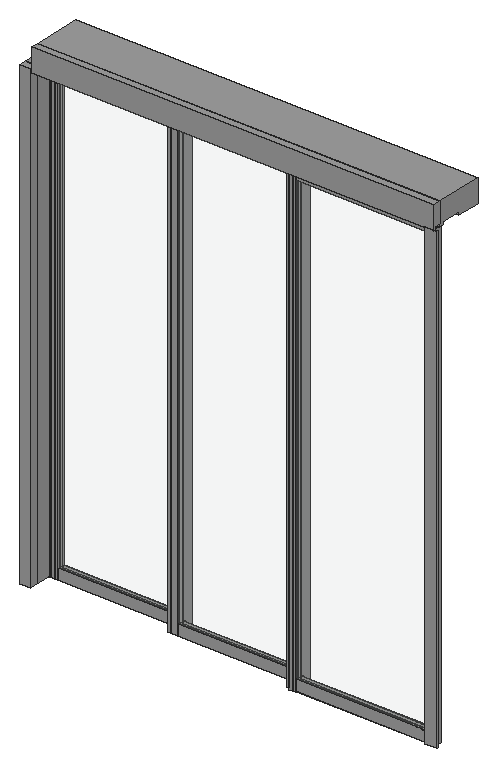
Revit family "agtatec_Record_SldngDrset_E-TSA-Telescopic_WallBased", category Doors, host Wall, Revit 2015
Parameters (values of type "E-TSA-L 108 mm drive unit height - left - with side panel")
  WithoutDriveCladding(OnlyApplicableForTypesWithoutSidePanels) = not(WithDriveCladding)  # no
  Without side panels = and(not(Right Panel), not(Left Panel))  # no
  WithinStandardSizes = and(OpeningWidth > 799.90 mm, OpeningWidth < 3000.10 mm, ClearHeightOfPassage < 3000.10 mm, ClearHeightOfPassage > 1999.90 mm)  # yes
  WithDriveCladding = yes
  Weight = "Depends on configuration and size"
  WarrantyDurationUnit = "Depends on country"
  WallMountingProfile = yes
  TotalWidth = if(Left Panel, SidePanelWidthLeft + OpeningWidth + 55.00 mm, if(Right Panel, SidePanelWidthRight + OpeningWidth + 55.00 mm, OpeningWidth + 99.00 mm))  # 1955.00 mm
  TotalHeight = ClearHeightOfPassage + DriveUnitHeight  # 2295.00 mm
  SustainabilityPerformance = "n/a"
  SupportLength = Support Length Right + Support Length Left  # 1900.00 mm
  Support Length Right = if(Right, SidePanelWidthRight + (OpeningWidth / 2) + DriveUnitExtraWidthRight, (OpeningWidth / 2))  # 600.00 mm
  Support Length Left = if(Left, SidePanelWidthLeft + (OpeningWidth / 2) + DriveUnitExtraWidthLeft, (OpeningWidth / 2))  # 1300.00 mm
  SidePanelWidthRight = (OpeningWidth / 2) + 100.00 mm + Extra Right  # 700.00 mm
  SidePanelWidthLeft = (OpeningWidth / 2) + 100.00 mm + Extra Left  # 700.00 mm
  Side void right = if(Right Panel, SidePanelWidthRight + (OpeningWidth / 2) - 47.00 mm + if(Offset > 0.00 mm, 47.00 mm, 0.00 mm), (OpeningWidth / 2) + if(Offset > 0.00 mm, 55.00 mm, 0.00 mm))  # 600.00 mm
  Side void left = if(Left Panel, SidePanelWidthLeft + (OpeningWidth / 2) - 47.00 mm + if(Offset > 0.00 mm, 47.00 mm, 0.00 mm), (OpeningWidth / 2) + if(Offset > 0.00 mm, 55.00 mm, 0.00 mm))  # 1253.00 mm
  ServiceLifeType = "n/a"
  SecurityRating = "None"
  Right Profile = no
  Right Panel = no
  Right = no
  Revision = "n/a"
  ProductInformation = "www.agta-record.com"
  Process = "n/a"
  PassageMountingProfile(OnlyApplicableForTypesWithTwoSidePanels) = not(WallMountingProfile)  # no
  PanelHeight = ClearHeightOfPassage + 13.00 mm  # 2200.00 mm
  PanelFrames = agtatec_Record_Sliding Door, Aluminium
  PanelFill = agtatec_Record_Sliding Door, Laminated Safety Glass (Clear)
  Operation = "n/a"
  OpeningWidth = 1200.00 mm
  OpeningAxis = (OpeningWidth / 2) + SidePanelWidthRight  # 1300.00 mm
  OffsetFromWallTop = 0.00 mm
  OffsetFromWallSide = 0.00 mm
  OffsetFromInteriorWallFace(OnlyApplicableForTypesWithTwoSidePanels) = 0.00 mm
  Offset = if(Without side panels, 0.00 mm, [OffsetFromInteriorWallFace(OnlyApplicableForTypesWithTwoSidePanels)])  # 0.00 mm
  Name = "SldngDrset_E-TSA-Telescopic_WallBased_Record"
  NBSTypeID = "n/a"
  NBSReference = "25-50-20/175"
  NBSOfficeMasterTag = "n/a"
  NBSNote = "n/a"
  NBSDescription = "Sliding Doorset"
  NBSCertification = "n/a"
  ModelNumber = "n/a"
  ModelLabel = "n/a"
  MethodOfMeasurement = "n/a"
  ManufacturerName = "Record"
  Left Profile = yes
  Left Panel = yes
  Left = yes
  Interlacing profile right = and(WithDriveCladding, Right, not(Right Panel))  # no
  Interlacing profile left = and(WithDriveCladding, Left, not(Left Panel))  # no
  InstallationDate [instance] = "1900-12-31T23:59:59"
  Thickness = 0.00 mm
  Inner Panel Width 2 = (OpeningWidth / 2) + 20.00 mm  # 620.00 mm
  Inner Panel Width 1 = (OpeningWidth / 2) + 32.00 mm  # 632.00 mm
  IfcExportType = "Door"
  IfcExportAs = "IfcDoorStyle"
  Grade = "n/a"
  GlazingAreaFraction = "Depends on size. Can be calculated"
  Function = Exterior
  FloorGuide = agtatec_Record_Sliding Door, Stainless Steel
  FireRating = "None"
  Fire Rating = "n/a"
  Features = "n/a"
  ExtraWidthRight = 0.00 mm
  ExtraWidthLeft = 0.00 mm
  Extra Width Total = 0.00 mm
  Extra Right = if(not(Right), 0.00 mm, ExtraWidthRight)  # 0.00 mm
  Extra Left = if(not(Left), 0.00 mm, ExtraWidthLeft)  # 0.00 mm
  ExpectedLife = "n/a"
  DurationUnit = "year"
  DriveUnitHeight = 108.00 mm
  DriveUnitExtraWidthRight = 0.00 mm
  DriveUnitExtraWidthLeft = 0.00 mm
  DriveUnit = agtatec_Record_Sliding Door, Sheet Metal (Painted Steel)
  Drive Depth 2 = if([WithoutDriveCladding(OnlyApplicableForTypesWithoutSidePanels)], 20.00 mm, if(Without side panels, 37.00 mm, 5.00 mm))  # 5.00 mm
  Width = TotalWidth  # 1955.00 mm
  WarrantyStartDate [instance] = "1900-12-31T23:59:59"
  WarrantyGuarantorParts = "Local door manufacturer"
  WarrantyGuarantorLabour = "Local door manufacturer"
  WarrantyDurationParts = "Depends on country"
  WarrantyDurationLabour = "Depends on country"
  WarrantyDescription = "Depends on country"
  Version = "Version 1.0"
  Uniclass2 = "Ss_25_30_20_77"
  URL = "www.agta-record.com"
  Type Comments = "n/a"
  ThresholdStripping = "No additional required, part of the doorset"
  ThresholdRequired = yes
  ThermalTransmittance = 0
  TagNumber [instance] = "n/a"
  SmokeStop = no
  Size = "n/a"
  Side Panel Minimum Standard = Inner Panel Width 1 + 50.00 mm  # 682.00 mm
  Shape = "Rectangular"
  ServiceLifeDuration = "10-15 years"
  SerialNumber [instance] = "n/a"
  SelfClosing = yes
  Rough Width = TotalWidth + OffsetFromWallSide + 6.00 mm  # 1961.00 mm
  Rough Height = TotalHeight + OffsetFromWallTop + 6.00 mm  # 2301.00 mm
  ReplacementCost = "Depends on the configuration and door type"
  ReferenceStandard = "EN16005, EN16361, DIN 18650, etc."
  Reference = "n/a"
  ProductionYear = "n/a"
  PassageWidthOptions = "n/a"
  NominalWidth = TotalWidth  # 1955.00 mm
  NominalLength = 0.00 mm
  NominalHeight = TotalHeight  # 2295.00 mm
  ModelReference = "Depends on the configuration"
  Model = "record Telescopic Linear Slider"
  Material = "Aluminium"
  ManufacturerURL = "www.agta-record.com"
  Manufacturer = "info@recorduk.co.uk"
  LeafColourOptions = "All RAL, customer specific"
  Keynote = "n/a"
  IssueDate = "n/a"
  IsExternal = yes
  Infiltration = "n/a"
  Height = TotalHeight  # 2295.00 mm
  HasDrive = yes
  HandicapAccessible = yes
  GlassType = "Part of glazing spec"
  GlassThickness2 = "6 mm (default)"
  GlassThickness1 = "6 mm (default)"
  GlassLayers = 2
  FrameSeal = yes
  FrameProfile = "Aluminium"
  FrameMaterial = "Aluminium"
  FrameFinishOptions = "n/a"
  FireExit = no
  Finish = "Powder coated, Anodized, customer specific"
  ElectronicLock = yes
  Drive Depth = if([WithoutDriveCladding(OnlyApplicableForTypesWithoutSidePanels)], 222.00 mm, 259.00 mm)  # 259.00 mm
  DoorsetOperation = "Automatic"
  DoorsetFasteners = "Screws"
  DoorSeal = "yes"
  DoorOpening = 0.00 mm
  DoorNumber = "n/a"
  DoorIncluded = yes
  Door Opening 2 = if(Door Opening 1 > 1.00 mm, (OpeningWidth / 2) + Door Opening 1 / 2, OpeningWidth / 2)  # 600.00 mm
  Door Opening 1 = if(DoorOpening > OpeningWidth, OpeningWidth, DoorOpening)  # 0.00 mm
  Documentation = "n/a"
  DocumentReference = "n/a"
  Description = "Automatic Sliding Door"
  Cost = 0
  Controller = "n/a"
  Construction Type = "Automatic Sliding Door"
  Constituents = "n/a"
  Configuration = "1 or 2"
  Colour = "Customer specific"
  CodePerformance = "n/a"
  ClearanceZones = no
  ClearHeightOfPassage = 2187.00 mm
  CenterOfDoor = if(Left, SidePanelWidthRight + (SupportLength / 2), (SupportLength / 2) - DriveUnitExtraWidthRight)  # 1650.00 mm
  Category = "n/a"
  BreakoutFacility = "n/a"
  BarCode [instance] = "n/a"
  BIMObjectName = "agtatec_Record_SlidingDoorset_E-TSA-Telescopic_WallBased"
  Author = "agtatec"
  AssetType = "n/a"
  AssetIdentifier [instance] = "n/a"
  Assembly Code = "B2030110"
  AntiFingerTrapRequirement = yes
  AlternativeDoorsetGlazing = "Part of glazing spec"
  AcousticRating = "None"
  AccessoryOptions = "Contact manufacturer"
  AccessibilityPerformance = "n/a"
Reference planes
  plane 1: y = 0
  plane 2 "Center (Left/Right)": x = 0
  plane 3 "Wall Edge": y = 76.2
  plane 4: x = 903
  plane 5: z = 2295
  plane 6: x = -950
  plane 7: x = -1650
  plane 8: x = -350
Lines and regions (mm)
  Opening 1
    outline origin (-1524, -76.2, 0) x (1, 0, 0) y (0, 0, 1)
      loop
        line (574, 0) -> (2427, 0) -> (2427, 2295) -> (574, 2295) -> (574, 0)
Text (mm)
  text "Placement Side" at (0, 1019.848, 3124.603), in view "Right"
  text "Placement Side" at (-3047.555, 723.012, 0), in view "Ref. Level"
  text "Placement Side" at (0, 2073.289, 3571.227), in view "Left"
Dimensions and locks
  locked: plane 3 "Wall Edge" to host wall
  "OffsetFromWallSide": plane 4 to Opening 1 sketch curve
  "OffsetFromWallTop": Opening 1 sketch curve to plane 5
  "TotalHeight": plane 5 to level
  "OffsetFromWallSide": Opening 1 sketch curve to plane 6
  "Offset": nested 1 to plane 3 "Wall Edge"
  "CenterOfDoor": plane 7 to plane 2 "Center (Left/Right)"
  "OpeningAxis": plane 7 to plane 8
  "Side void right": plane 6 to plane 8
  "Side void left": plane 8 to plane 4
Automatic sketch dimensions
  Opening 1 sketch curve to level = 0.00 mm
Nested families
  nested 1: "E-TSA Telescopic" at (-924.503, 76.2, 0) x (-1, 0, 0) z (0, 0, 1), type "E-TSA-L 150 mm drive unit height - left - with side panel"
    with WarrantyStartDate "Depends on country", TagNumber "n/a", SerialNumber "n/a", InstallationDate "n/a", BarCode "n/a", AssetIdentifier "n/a", TotalHeight 2295.00 mm, Rough Height 2301.00 mm, NominalHeight 2295.00 mm, Height 2295.00 mm, DriveUnitHeight 108.00 mm
Definition of nested family "E-TSA Telescopic"
  Parameters
    WithoutDriveCladding(OnlyApplicableForTypesWithoutSidePanels) = not(WithDriveCladding)  # no
    Without side panels = and(not(Right Panel), not(Left Panel))  # no
    WithinStandardSizes = and(OpeningWidth > 799.90 mm, OpeningWidth < 3000.10 mm, ClearHeightOfPassage < 3000.10 mm, ClearHeightOfPassage > 1999.90 mm)  # yes
    WithDriveCladding = yes
    Weight = "Depends on configuration and size"
    WarrantyDurationUnit = "Depends on country"
    WallMountingProfile = yes
    Wall Opening Width = if(and(Right Panel, Left Panel), OpeningWidth + SidePanelWidthRight + SidePanelWidthLeft, if(Right Panel, OpeningWidth + SidePanelWidthRight, if(Left Panel, OpeningWidth + SidePanelWidthLeft, OpeningWidth)))  # 1900.00 mm
    Wall Mounting Right = and(WallMountingProfile, Right Panel)  # no
    Wall Mounting Left = and(WallMountingProfile, Left Panel)  # yes
    TotalWidth = if(Left Panel, SidePanelWidthLeft + OpeningWidth + 55.00 mm, if(Right Panel, SidePanelWidthRight + OpeningWidth + 55.00 mm, OpeningWidth + 99.00 mm))  # 1955.00 mm
    TotalHeight = ClearHeightOfPassage + DriveUnitHeight  # 2337.00 mm
    SustainabilityPerformance = "n/a"
    SupportLength = Support Length Right + Support Length Left  # 1900.00 mm
    Support Length Right = if(Right, SidePanelWidthRight + (OpeningWidth / 2) + DriveUnitExtraWidthRight, (OpeningWidth / 2))  # 600.00 mm
    Support Length Left = if(Left, SidePanelWidthLeft + (OpeningWidth / 2) + DriveUnitExtraWidthLeft, (OpeningWidth / 2))  # 1300.00 mm
    SidePanelWidthRight = (OpeningWidth / 2) + 100.00 mm + Extra Right  # 700.00 mm
    SidePanelWidthLeft = (OpeningWidth / 2) + 100.00 mm + Extra Left  # 700.00 mm
    ServiceLifeType = "n/a"
    SecurityRating = "None"
    Right Profile = no
    Right Panel = no
    Right = no
    Revision = "n/a"
    ProductInformation = "www.agta-record.com"
    Process = "n/a"
    PassageMountingProfile(OnlyApplicableForTypesWithTwoSidePanels) = not(WallMountingProfile)  # no
    Passage Mounting Right = and([PassageMountingProfile(OnlyApplicableForTypesWithTwoSidePanels)], Right Panel)  # no
    Passage Mounting Left = and([PassageMountingProfile(OnlyApplicableForTypesWithTwoSidePanels)], Left Panel)  # no
    PanelHeight = ClearHeightOfPassage + 13.00 mm  # 2200.00 mm
    PanelFrames = none
    PanelFill = none
    Outer Panel Width Right = SidePanelWidthRight - 27.00 mm  # 673.00 mm
    Outer Panel Width Left = SidePanelWidthLeft - 27.00 mm  # 673.00 mm
    OpeningWidth = 1200.00 mm
    Name = "SldngDrset_E-TSA-Telescopic_Standalone_Record"
    NBSTypeID = "n/a"
    NBSReference = "25-50-20/175"
    NBSOfficeMasterTag = "n/a"
    NBSNote = "n/a"
    NBSDescription = "Sliding Doorset"
    NBSCertification = "n/a"
    ModelNumber = "n/a"
    ModelLabel = "n/a"
    MethodOfMeasurement = "n/a"
    ManufacturerName = "Record"
    Left Profile = yes
    Left Panel = yes
    Left = yes
    InterlancingProfileRight = and(WithDriveCladding, Right, not(Right Panel))  # no
    InterlancingProfileLeft = and(WithDriveCladding, Left, not(Left Panel))  # no
    InstallationDate [instance] = "n/a"
    Inner Panel Width 2 = (OpeningWidth / 2) + 20.00 mm  # 620.00 mm
    Inner Panel Width 1 = (OpeningWidth / 2) + 32.00 mm  # 632.00 mm
    IfcExportType = "n/a"
    IfcExportAs = "n/a"
    Grade = "n/a"
    GlazingAreaFraction = "Depends on size. Can be calculated"
    FloorGuide = none
    FireRating = "None"
    Features = "n/a"
    ExtraWidthRight = 0.00 mm
    ExtraWidthLeft = 0.00 mm
    Extra Width Total = 0.00 mm
    Extra Right = if(not(Right Panel), 0.00 mm, ExtraWidthRight)  # 0.00 mm
    Extra Left = if(not(Left Panel), 0.00 mm, ExtraWidthLeft)  # 0.00 mm
    ExpectedLife = "n/a"
    DurationUnit = "year"
    DriveUnitExtraWidthRight = 0.00 mm
    DriveUnitExtraWidthLeft = 0.00 mm
    Width = TotalWidth  # 1955.00 mm
    WarrantyStartDate [instance] = "Depends on country"
    WarrantyGuarantorParts = "Local door manufacturer"
    WarrantyGuarantorLabour = "Local door manufacturer"
    WarrantyDurationParts = "Depends on country"
    WarrantyDurationLabour = "Depends on country"
    WarrantyDescription = "Depends on country"
    Version = "Version 1.0"
    Uniclass2 = "Ss_25_30_20_77"
    URL = "www.agta-record.com"
    Type Comments = ""
    ThresholdStripping = "No additional required, part of the doorset"
    ThresholdRequired = yes
    ThermalTransmittance = 0
    TagNumber [instance] = "n/a"
    SmokeStop = no
    Size = "n/a"
    Shape = "Rectangular"
    ServiceLifeDuration = "10-15 years"
    SerialNumber [instance] = "n/a"
    SelfClosing = yes
    Rough Width = TotalWidth + 6.00 mm  # 1961.00 mm
    Rough Height = TotalHeight + 6.00 mm  # 2343.00 mm
    ReplacementCost = "Depends on the configuration and door type"
    ReferenceStandard = "EN16005, EN16361, DIN 18650, etc."
    Reference = "n/a"
    ProductionYear = "n/a"
    PassageWidthOptions = "n/a"
    Operation = "n/a"
    NominalWidth = TotalWidth  # 1955.00 mm
    NominalLength = 0.00 mm
    NominalHeight = TotalHeight  # 2337.00 mm
    ModelReference = "Depends on the configuration"
    Model = "record Telescopic Linear Slider"
    Material = "Aluminium"
    ManufacturerURL = "www.agta-record.com"
    Manufacturer = "info@recorduk.co.uk"
    LeafColourOptions = "All RAL, customer specific"
    Keynote = ""
    IssueDate = ""
    IsExternal = yes
    Interlancing Profile Height = PanelHeight - 5.00 mm  # 2195.00 mm
    Infiltration = "n/a"
    Height = TotalHeight  # 2337.00 mm
    HasDrive = yes
    HandicapAccessible = yes
    GlassType = "Part of glazing spec"
    GlassThickness2 = "6 mm (default)"
    GlassThickness1 = "6 mm (default)"
    GlassLayers = 2
    Function = 1
    FrameSeal = yes
    FrameProfile = "Aluminium"
    FrameMaterial = "Aluminium"
    FrameFinishOptions = "n/a"
    FireExit = no
    Finish = "Powder coated, Anodized, customer specific"
    ElectronicLock = yes
    DriveUnitHeight = 150.00 mm
    DriveUnit = none
    Drive Depth 2 = if([WithoutDriveCladding(OnlyApplicableForTypesWithoutSidePanels)], 0.00 mm, 37.00 mm)  # 37.00 mm
    Drive Depth = if([WithoutDriveCladding(OnlyApplicableForTypesWithoutSidePanels)], 222.00 mm, 259.00 mm)  # 259.00 mm
    DoorsetOperation = "Automatic"
    DoorsetFasteners = "Screws"
    DoorSeal = "yes"
    DoorOpening = 0.00 mm
    DoorNumber = "n/a"
    DoorIncluded = yes
    Door Opening 2 = if(Door Opening 1 > 1.00 mm, (OpeningWidth / 2) + Door Opening 1 / 2, OpeningWidth / 2)  # 600.00 mm
    Door Opening 1 = if(DoorOpening > OpeningWidth, OpeningWidth, DoorOpening)  # 0.00 mm
    Documentation = "n/a"
    DocumentReference = "n/a"
    Distance to Wall = if([WithoutDriveCladding(OnlyApplicableForTypesWithoutSidePanels)], 20.00 mm, 57.00 mm)  # 57.00 mm
    Description = "Automatic Sliding Door"
    Cost = 0
    Controller = "n/a"
    Construction Type = "Automatic Sliding Door"
    Constituents = "n/a"
    Configuration = "1 or 2"
    Colour = "Customer specific"
    CodePerformance = "n/a"
    ClearanceZones = no
    ClearanceZoneRight = if(Left, (SupportLength / 2) + 55.00 mm, if(or(not(Right Panel), DriveUnitExtraWidthRight > 0.00 mm, not(WallMountingProfile)), SupportLength / 2, (SupportLength / 2) + 16.00 mm))  # 1005.00 mm
    ClearanceZoneLeft = if(Right, (SupportLength / 2) + 55.00 mm, if(or(not(Left Panel), DriveUnitExtraWidthLeft > 0.00 mm, not(WallMountingProfile)), SupportLength / 2, (SupportLength / 2) + 16.00 mm))  # 966.00 mm
    ClearHeightOfPassage = 2187.00 mm
    Cladding void = if(Without side panels, 3.00 mm, 35.00 mm)  # 35.00 mm
    Cladding profile = not([WithoutDriveCladding(OnlyApplicableForTypesWithoutSidePanels)])  # yes
    CenterOfDoor = if(Left, SidePanelWidthRight + (SupportLength / 2), (SupportLength / 2) - DriveUnitExtraWidthRight)  # 1650.00 mm
    Category = "n/a"
    BreakoutFacility = "n/a"
    BarCode [instance] = "n/a"
    BIMObjectName = "agtatec_Record_SlidingDoorset_E-TSA-Telescopic_Standalone"
    Author = "agtatec"
    AssetType = "n/a"
    AssetIdentifier [instance] = "n/a"
    Assembly Code = "B2030110"
    AntiFingerTrapRequirement = yes
    AlternativeDoorsetGlazing = "Part of glazing spec"
    AcousticRating = "None"
    AccessoryOptions = "Contact manufacturer"
    AccessibilityPerformance = "n/a"
  Reference planes
    plane 1 "Center (Front/Back)": y = 0
    plane 2: z = 0
    plane 3 "Ex Center (Left/Right)": x = -574.503
    plane 4: z = 2337
    plane 5: z = 2187
    plane 6: z = 2357
    plane 7: x = 5.497
    plane 8 "Drive Unit Left": x = -1874.503
    plane 9: x = -1174.503
    plane 10: x = 25.497
    plane 11: y = -57
    plane 12: y = -109
    plane 13: x = -574.503
    plane 14: x = 25.497
    plane 15: x = -1874.503
    plane 16: x = 725.497
    plane 17: x = -586.503
    plane 18: x = -1206.503
    plane 19: x = -1186.503
    plane 20: y = -5
    plane 21: x = 37.497
    plane 22: x = -574.503
    plane 23: x = -1174.503
    plane 24: x = -562.503
    plane 25: x = 57.497
    plane 26: y = -40
    plane 27: y = -40
    plane 28: y = -409
    plane 29: y = -259
    plane 30: y = -5
    plane 31 "Drive Unit Right": x = 25.497
    plane 32 "Center (Left/Right)": x = -924.503
    plane 33: x = -1890.503
    plane 34: x = 80.497
  Forms (mm)
    Extrusion 1, solid, material <- "PanelFrames", visible <- "Passage Mounting Left"
      sketch origin (0, 0, 0) x (1, 0, 0) y (0, 1, 0)
        loop
          line (-1874.503, 0) -> (-1874.503, -40) -> (-1834.503, -40) -> (-1834.503, -38) -> (-1871.503, -38) -> (-1871.503, -3) -> (-1834.503, -3) -> (-1834.503, 0) -> (-1874.503, 0)
      from 0 to 2187
    Extrusion 2, solid, material <- "PanelFrames", visible <- "Passage Mounting Right"
      sketch origin (0, 0, 0) x (1, 0, 0) y (0, 1, 0)
        loop
          line (725.497, 0) -> (685.497, 0) -> (685.497, -3) -> (722.497, -3) -> (722.497, -38) -> (685.497, -38) -> (685.497, -40) -> (725.497, -40) -> (725.497, 0)
      from 0 to 2187
    Extrusion 3, solid, material <- "PanelFrames", visible <- "Wall Mounting Right"
      sketch origin (0, 0, 0) x (1, 0, 0) y (0, 1, 0)
        loop
          line (685.497, 0) -> (685.497, -3) -> (722.497, -3) -> (722.497, -38) -> (685.497, -38) -> (685.497, -40) -> (725.497, -40) -> (725.497, -4) -> (741.497, -4) -> (741.497, 0) -> (685.497, 0)
      from 0 to 2187
    Extrusion 4, solid, material <- "PanelFrames", visible <- "Wall Mounting Left"
      sketch origin (0, 0, 0) x (1, 0, 0) y (0, 1, 0)
        loop
          line (-1834.503, 0) -> (-1890.503, 0) -> (-1890.503, -4) -> (-1874.503, -4) -> (-1874.503, -40) -> (-1834.503, -40) -> (-1834.503, -38) -> (-1871.503, -38) -> (-1871.503, -3) -> (-1834.503, -3) -> (-1834.503, 0)
      from 0 to 2187
    Extrusion 5, solid, material <- "DriveUnit"
      sketch origin (-1874.503, 0, -304.8) x (0, 0, -1) y (0, 1, 0)
        loop
          line (-2641.8, -37) -> (-2641.8, -259) -> (-2491.8, -259) -> (-2491.8, -149) -> (-2504.8, -149) -> (-2504.8, -54) -> (-2491.8, -54) -> (-2491.8, -37) -> (-2641.8, -37)
      from 0 to 1900
    Extrusion 6, solid, visible <- "ClearanceZones"
      sketch origin (-574.503, -66.514, 0) x (0, -1, 0) y (0, 0, 1)
        loop
          line (-66.514, 0) -> (342.486, 0) -> (342.486, 2357) -> (-66.514, 2357) -> (-66.514, 0)
      from -655 to 1316
    Extrusion 7, void
      sketch origin (-1868.247, -40, 1200) x (1, 0, 0) y (0, 0, -1)
        loop
          line (-6.256, -1000) -> (1893.744, -1000) -> (1893.744, -987) -> (-6.256, -987) -> (-6.256, -1000)
      from 0 to 35 <- "Cladding void"
    Extrusion 8, solid, material <- "DriveUnit", visible <- "Cladding profile"
      sketch origin (-574.503, -66.514, 0) x (0, -1, 0) y (0, 0, 1)
        loop
          line (-66.514, 2337) -> (-66.514, 2187) -> (-29.514, 2187) -> (-29.514, 2337) -> (-66.514, 2337)
      from -600 to 1300
  Cuts and joins
    Extrusion 7 cuts Extrusion 8
  Lines and regions (mm)
    Masking region 1, visible <- "Passage Mounting Left"
      outline origin (0, 0, 0) x (1, 0, 0) y (0, 1, 0)
        loop
          line (-1834.503, -3) -> (-1834.503, 0) -> (-1874.503, 0) -> (-1874.503, -40) -> (-1834.503, -40) -> (-1834.503, -38) -> (-1871.503, -38) -> (-1871.503, -3) -> (-1834.503, -3)
    Masking region 2, visible <- "Wall Mounting Left"
      outline origin (0, 0, 0) x (1, 0, 0) y (0, 1, 0)
        loop
          line (-1834.503, 0) -> (-1890.503, 0) -> (-1890.503, -4) -> (-1874.503, -4) -> (-1874.503, -40) -> (-1834.503, -40) -> (-1834.503, -38) -> (-1871.503, -38) -> (-1871.503, -3) -> (-1834.503, -3) -> (-1834.503, 0)
    Masking region 3, visible <- "Passage Mounting Right"
      outline origin (0, 0, 0) x (1, 0, 0) y (0, 1, 0)
        loop
          line (685.497, 0) -> (685.497, -3) -> (722.497, -3) -> (722.497, -38) -> (685.497, -38) -> (685.497, -40) -> (725.497, -40) -> (725.497, 0) -> (685.497, 0)
    Masking region 4, visible <- "Wall Mounting Right"
      outline origin (0, 0, 0) x (1, 0, 0) y (0, 1, 0)
        loop
          line (741.497, 0) -> (685.497, 0) -> (685.497, -3) -> (722.497, -3) -> (722.497, -38) -> (685.497, -38) -> (685.497, -40) -> (725.497, -40) -> (725.497, -4) -> (741.497, -4) -> (741.497, 0)
    symbolic lines
      curve 1: line (-749.503, 50, 0) -> (-399.503, 50, 0)
    symbolic lines, visible <- "Left"
      curve 2: line (-749.503, 50, 0) -> (-714.148, 85.355, 0)
      curve 3: line (-749.503, 50, 0) -> (-714.148, 14.645, 0)
    symbolic lines, visible <- "Right"
      curve 4: line (-399.503, 50, 0) -> (-434.859, 14.645, 0)
      curve 5: line (-399.503, 50, 0) -> (-434.859, 85.355, 0)
  Text (mm)
    text "Right" at (-1678.087, 0, 3204.03), in view "Back"
    text "Left" at (1021.913, 0, 3204.03), in view "Back"
  Dimensions and locks
    "DriveUnitHeight": plane 4 to plane 5
    "ClearHeightOfPassage": plane 5 to plane 2
    locked: plane 6 to plane 4 at 20
    equal spacing: plane 9, plane 3 "Ex Center (Left/Right)", plane 10
    "OpeningWidth": plane 9 to plane 10
    "Distance to Wall": plane 11 to plane 1 "Center (Front/Back)"
    locked: plane 11 to plane 12 at 52
    "Door Opening 1": plane 14 to plane 10
    "Door Opening 2": plane 13 to plane 10
    "SidePanelWidthLeft": plane 15 to plane 9
    "SidePanelWidthRight": plane 10 to plane 16
    locked: plane 17 to plane 13 at 12
    "Inner Panel Width 2": plane 18 to plane 17
    locked: plane 19 to plane 9 at 12
    locked: plane 10 to plane 21 at 12
    locked: plane 22 to plane 24 at 12
    "Door Opening 1": plane 9 to plane 23
    "Door Opening 2": plane 9 to plane 22
    "Inner Panel Width 2": plane 24 to plane 25
    locked: Extrusion 5 sketch curve to Extrusion 5 sketch curve at 110
    "Drive Depth": plane 1 "Center (Front/Back)" to plane 29
    "DriveUnitHeight": plane 29 to plane 28
    "Support Length Left": plane 8 "Drive Unit Left" to plane 3 "Ex Center (Left/Right)"
    "Support Length Right": plane 3 "Ex Center (Left/Right)" to plane 31 "Drive Unit Right"
    locked: Extrusion 4 sketch curve to plane 26 at 2
    locked: Extrusion 1 sketch curve to plane 26 at 2
    locked: Extrusion 3 sketch curve to plane 27 at 2
    locked: Extrusion 2 sketch curve to plane 27 at 2
    "Drive Depth 2": plane 1 "Center (Front/Back)" to Extrusion 5 sketch curve
    Extrusion 7 sketch curve to plane 5 = 13.00 mm
    locked: plane 1 "Center (Front/Back)" to Extrusion 8 sketch curve at 37
    curve 3 to plane 3 "Ex Center (Left/Right)" to curve 5 = 175.00 mm locked, 175.00 mm locked
    "CenterOfDoor": plane 32 "Center (Left/Right)" to plane 16
    "ClearanceZoneLeft": plane 33 to plane 32 "Center (Left/Right)"
    "ClearanceZoneRight": plane 32 "Center (Left/Right)" to plane 34
    aligned and locked: plane 2 to level
    aligned and locked: plane 12 to nested 1
    aligned and locked: plane 11 to nested 2
    aligned and locked: plane 14 to nested 1
    aligned and locked: nested 2 to plane 17
    aligned and locked: plane 19 to nested 3
    aligned and locked: nested 5 to plane 9
    aligned and locked: nested 6 to plane 11
    aligned and locked: nested 6 to plane 18
    aligned and locked: plane 11 to nested 7
    aligned and locked: nested 7 to plane 17
    aligned and locked: nested 8 to plane 12
    aligned and locked: nested 8 to nested 1
    aligned and locked: plane 20 to nested 3
    aligned and locked: nested 5 to plane 20
    aligned and locked: nested 4 to plane 20
    aligned and locked: nested 9 to plane 10
    aligned and locked: nested 4 to plane 21
    aligned and locked: plane 23 to nested 10
    aligned and locked: plane 12 to nested 11
    aligned and locked: nested 10 to plane 12
    aligned and locked: nested 11 to nested 10
    aligned and locked: nested 12 to plane 11
    aligned and locked: plane 11 to nested 13
    aligned and locked: nested 14 to plane 11
    aligned and locked: nested 14 to plane 22
    aligned and locked: plane 25 to nested 13
    aligned and locked: nested 12 to plane 25
    aligned and locked: plane 26 to Extrusion 1 sketch curve
    aligned and locked: plane 27 to Extrusion 2 sketch curve
    aligned and locked: plane 5 to Extrusion 1
    aligned and locked: plane 5 to Extrusion 2
    aligned and locked: plane 5 to Extrusion 4
    aligned and locked: plane 5 to Extrusion 3
    aligned and locked: plane 26 to Masking region 1 sketch curve
    aligned and locked: Extrusion 5 sketch curve to plane 29
    aligned and locked: Extrusion 5 to plane 31 "Drive Unit Right"
    aligned and locked: plane 26 to Extrusion 4 sketch curve
    aligned and locked: plane 26 to Masking region 2 sketch curve
    aligned and locked: plane 27 to Extrusion 3 sketch curve
    aligned and locked: Masking region 2 to Extrusion 4
    aligned and locked: Extrusion 6 sketch curve to plane 6
    aligned and locked: Extrusion 6 sketch curve to plane 28
    aligned and locked: Extrusion 5 to plane 8 "Drive Unit Left"
    aligned and locked: plane 31 "Drive Unit Right" to Extrusion 7 sketch curve
    aligned and locked: plane 8 "Drive Unit Left" to Extrusion 7 sketch curve
    aligned and locked: Extrusion 7 sketch curve to plane 5
    aligned and locked: plane 5 to Extrusion 8 sketch curve
    aligned and locked: Extrusion 8 to plane 31 "Drive Unit Right"
    aligned and locked: Extrusion 8 to plane 8 "Drive Unit Left"
    aligned and locked: Extrusion 6 to plane 33
    aligned and locked: plane 34 to Extrusion 6
  Automatic sketch dimensions
    plane 1 "Center (Front/Back)" to Extrusion 1 sketch curve = 0.00 mm
    Extrusion 1 sketch curve to plane 15 = 0.00 mm
    Extrusion 1 sketch curve to plane 15 = 3.00 mm
    Extrusion 1 sketch curve to Extrusion 1 sketch curve = 37.00 mm  (x2)
    plane 20 to Extrusion 1 sketch curve = 2.00 mm
    plane 1 "Center (Front/Back)" to Extrusion 2 sketch curve = 0.00 mm
    Extrusion 2 sketch curve to plane 16 = 0.00 mm
    Extrusion 2 sketch curve to plane 16 = 3.00 mm
    plane 20 to Extrusion 2 sketch curve = 2.00 mm
    Extrusion 2 sketch curve to Extrusion 2 sketch curve = 37.00 mm
    Extrusion 2 sketch curve to Extrusion 2 sketch curve = 0.00 mm
    plane 1 "Center (Front/Back)" to Extrusion 3 sketch curve = 0.00 mm
    Extrusion 3 sketch curve to plane 16 = 0.00 mm
    Extrusion 3 sketch curve to plane 16 = 3.00 mm
    Extrusion 3 sketch curve to Extrusion 3 sketch curve = 37.00 mm
    Extrusion 3 sketch curve to Extrusion 3 sketch curve = 0.00 mm
    plane 16 to Extrusion 3 sketch curve = 16.00 mm
    plane 20 to Extrusion 3 sketch curve = 1.00 mm
    plane 20 to Extrusion 3 sketch curve = 2.00 mm
    plane 1 "Center (Front/Back)" to Extrusion 4 sketch curve = 0.00 mm
    Extrusion 4 sketch curve to plane 15 = 0.00 mm
    plane 20 to Extrusion 4 sketch curve = 1.00 mm
    Extrusion 4 sketch curve to Extrusion 4 sketch curve = 16.00 mm
    Extrusion 4 sketch curve to plane 15 = 3.00 mm
    Extrusion 4 sketch curve to Extrusion 4 sketch curve = 37.00 mm  (x2)
    plane 20 to Extrusion 4 sketch curve = 2.00 mm
    Extrusion 6 sketch curve to level = 0.00 mm
    Extrusion 6 sketch curve to plane 1 "Center (Front/Back)" = 0.00 mm
    Masking region 1 sketch curve to plane 15 = 0.00 mm
    plane 1 "Center (Front/Back)" to Masking region 1 sketch curve = 0.00 mm
    Masking region 1 sketch curve to plane 15 = 3.00 mm
    plane 26 to Masking region 1 sketch curve = 2.00 mm
    Masking region 1 sketch curve to Masking region 1 sketch curve = 37.00 mm  (x2)
    plane 20 to Masking region 1 sketch curve = 2.00 mm
    plane 1 "Center (Front/Back)" to Masking region 2 sketch curve = 0.00 mm
    Masking region 2 sketch curve to plane 15 = 0.00 mm
    plane 20 to Masking region 2 sketch curve = 1.00 mm
    Masking region 2 sketch curve to Masking region 2 sketch curve = 16.00 mm
    Masking region 2 sketch curve to plane 15 = 3.00 mm
    plane 26 to Masking region 2 sketch curve = 2.00 mm
    Masking region 2 sketch curve to Masking region 2 sketch curve = 37.00 mm  (x2)
    plane 20 to Masking region 2 sketch curve = 2.00 mm
    plane 1 "Center (Front/Back)" to Masking region 3 sketch curve = 0.00 mm
    plane 26 to Masking region 3 sketch curve = 0.00 mm
    Masking region 3 sketch curve to plane 16 = 0.00 mm
    Masking region 3 sketch curve to plane 16 = 3.00 mm
    Masking region 3 sketch curve to Masking region 3 sketch curve = 37.00 mm
    Masking region 3 sketch curve to Masking region 3 sketch curve = 0.00 mm
    plane 26 to Masking region 3 sketch curve = 2.00 mm
    plane 20 to Masking region 3 sketch curve = 2.00 mm
    plane 1 "Center (Front/Back)" to Masking region 4 sketch curve = 0.00 mm
    plane 26 to Masking region 4 sketch curve = 0.00 mm
    Masking region 4 sketch curve to plane 16 = 0.00 mm
    Masking region 4 sketch curve to plane 16 = 3.00 mm
    plane 26 to Masking region 4 sketch curve = 2.00 mm
    Masking region 4 sketch curve to Masking region 4 sketch curve = 37.00 mm
    plane 20 to Masking region 4 sketch curve = 2.00 mm
    Masking region 4 sketch curve to Masking region 4 sketch curve = 0.00 mm
    plane 16 to Masking region 4 sketch curve = 16.00 mm
    plane 20 to Masking region 4 sketch curve = 1.00 mm
    curve 1 to curve 3 = 50.00 mm
    curve 2 to curve 5 = 279.289 mm
    curve 5 to curve 4 = 70.711 mm
    curve 5 to curve 1 = 50.00 mm
    curve 3 to curve 4 = 279.289 mm
    curve 5 to curve 5 = 50.00 mm
    curve 3 to curve 2 = 50.00 mm
    curve 3 to curve 2 = 35.355 mm  (x2)
    curve 3 to plane 1 "Center (Front/Back)" = 14.645 mm
    curve 4 to plane 1 "Center (Front/Back)" = 14.645 mm
    curve 5 to curve 4 = 0.00 mm
    curve 4 to curve 5 = 35.355 mm
    curve 1 to curve 5 = 35.355 mm
    Extrusion 8 sketch curve to plane 1 "Center (Front/Back)" = 0.00 mm
    Extrusion 8 sketch curve to plane 4 = 0.00 mm
    Extrusion 5 sketch curve to plane 4 = 0.00 mm
    Extrusion 5 sketch curve to plane 5 = 0.00 mm  (x2)
    plane 11 to Extrusion 5 sketch curve = 3.00 mm
    plane 5 to Extrusion 5 sketch curve = 13.00 mm
  Nested families
    nested 1: "Inner Panel 1" at (25.497, -109, 0) x (-1, 0, 0) z (0, 0, 1), visible <- "Left", type "Inner Panel 1"
    nested 2: "Inner Panel 2" at (-586.503, -57, 0) x (-1, 0, 0) z (0, 0, 1), visible <- "Left", type "Inner Panel 2"
      with Inner Panel Width 620.00 mm
    nested 3: "Outer Panel" at (-1186.503, -5, 0) x (-1, 0, 0) z (0, 0, 1), visible <- "Left Panel", type "Left Panel"
      with Outer Panel Width 673.00 mm
    nested 4: "Outer Panel" at (37.497, -5, 0), visible <- "Right Panel", type "Right Panel"
      with Outer Panel Width 673.00 mm
    nested 5: "Interlacing profile - Outer" at (-1186.503, -37, 5) x (0, -1, 0) z (0, 0, 1), type "Left"
    nested 6: "Interlacing profile - Inner" at (-1206.503, -57, 5) x (0, 1, 0) z (0, 0, 1), visible <- "Left", type "Left"
    nested 7: "Interlacing profile - Inner" at (-586.503, -89, 5) x (0, -1, 0) z (0, 0, 1), visible <- "Left", type "Inner"
    nested 8: "Interlacing profile - Inner" at (-606.503, -109, 5) x (0, 1, 0) z (0, 0, 1), visible <- "Left", type "Inner"
    nested 9: "Interlacing profile - Outer" at (37.497, -37, 5) x (0, -1, 0) z (0, 0, 1), type "Right"
      with Side Panel no, Opposite Panel yes, Interlacing profile 2 yes, Interlacing profile 1 no
    nested 10: "Inner Panel 1" at (-1174.503, -109, 0), visible <- "Right", type "Inner Panel 1"
    nested 11: "Interlacing profile - Inner" at (-542.503, -109, 5) x (0, 1, 0) z (0, 0, 1), visible <- "Right", type "Inner"
    nested 12: "Inner Panel 2" at (-562.503, -57, 0), visible <- "Right", type "Inner Panel 2"
      with Inner Panel Width 620.00 mm
    nested 13: "Interlacing profile - Inner" at (57.497, -57, 5) x (0, 1, 0) z (0, 0, 1), visible <- "Right", type "Right"
      with Side Panel no, Interlacing profile 4 yes, Interlacing profile 1 no
    nested 14: "Interlacing profile - Inner" at (-562.503, -89, 5) x (0, -1, 0) z (0, 0, 1), visible <- "Right", type "Inner"
  Definition of nested family "Inner Panel 1"
    Parameters
      Panel Height = 2200.00 mm
      Panel Glass = none
      Panel Frames = none
      Inner Panel Width = 632.00 mm
    Reference planes
      plane 1 "Center (Front/Back)": y = 0
      plane 2: z = 0
      plane 3 "Center (Left/Right)": x = 0
      plane 4: x = 632
      plane 5: z = 2200
      plane 6: x = 600
      plane 7: x = 37
      plane 8: z = 2181
      plane 9 "Above": z = 42
      plane 10: x = 613.5
      plane 11: x = 23.5
      plane 12: z = 5
      plane 13: x = 622
      plane 14: x = 5
    Forms (mm)
      Extrusion 1, solid, material <- "Panel Frames"
        sketch origin (0, 0, 0) x (1, 0, 0) y (0, 1, 0)
          loop
            line (5, 0) -> (37, 0) -> (37, 2.5) -> (21, 2.5) -> (21, 29.5) -> (37, 29.5) -> (37, 32) -> (5, 32) -> (5, 0)
        from 5 to 2200
      Extrusion 2, solid, material <- "Panel Frames"
        sketch origin (591.5, 0, 0) x (-1, 0, 0) y (0, -1, 0)
          loop
            line (-40.5, 0) -> (-40.5, -32) -> (-8.5, -32) -> (-8.5, -29.5) -> (-24.5, -29.5) -> (-24.5, -2.5) -> (-8.5, -2.5) -> (-8.5, 0) -> (-40.5, 0)
        from 5 to 2200
      Extrusion 3, solid, material <- "Panel Frames"
        sketch origin (-55, 0, 0) x (0, 1, 0) y (0, 0, 1)
          loop
            line (0, 5) -> (14.65, 5) -> (14.65, 26) -> (17.35, 26) -> (17.35, 5) -> (32, 5) -> (32, 55) -> (29.5, 55) -> (29.5, 39) -> (2.5, 39) -> (2.5, 55) -> (0, 55) -> (0, 5)
        from 92 to 655
      Extrusion 4, solid, material <- "Panel Frames"
        sketch origin (75, 0, 0) x (0, 1, 0) y (0, 0, 1)
          loop
            line (0, 2200) -> (0, 2168) -> (2.5, 2168) -> (2.5, 2184) -> (29.5, 2184) -> (29.5, 2168) -> (32, 2168) -> (32, 2200) -> (0, 2200)
        from -38 to 525
      Extrusion 5, solid, material <- "Panel Glass"
        sketch origin (0, 0, 0) x (1, 0, 0) y (0, 1, 0)
          loop
            line (23.5, 28) -> (23.5, 4) -> (613.5, 4) -> (613.5, 28) -> (23.5, 28)
        from 42 to 2181
      Extrusion 6, solid, material <- "Panel Frames"
        sketch origin (0, 0, 0) x (1, 0, 0) y (0, 1, 0)
          loop
            line (0, 32) -> (0, 0) -> (5, 0) -> (5, 32) -> (0, 32)
        from 5 to 2200
    Lines and regions (mm)
      Masking region 1
        outline origin (0, 0, 0) x (1, 0, 0) y (0, 1, 0)
          loop
            line (632, 32) -> (0, 32) -> (0, 0) -> (622, 0) -> (632, 0) -> (632, 32)
      symbolic lines, detail levels fine
        curve 1: line (37, 28, 42) -> (600, 28, 42)
        curve 2: line (37, 4, 42) -> (600, 4, 42)
        curve 6: line (600, 29.5, 42) -> (616, 29.5, 42)
        curve 7: line (616, 29.5, 42) -> (616, 2.5, 42)
        curve 8: line (616, 2.5, 42) -> (600, 2.5, 42)
        curve 9: line (600, 4, 42) -> (613.5, 4, 42)
        curve 10: line (613.5, 4, 42) -> (613.5, 28, 42)
        curve 11: line (613.5, 28, 42) -> (600, 28, 42)
        curve 12: line (37, 29.5, 42) -> (21, 29.5, 42)
        curve 13: line (21, 29.5, 42) -> (21, 2.5, 42)
        curve 14: line (21, 2.5, 42) -> (37, 2.5, 42)
        curve 15: line (37, 4, 42) -> (23.5, 4, 42)
        curve 16: line (23.5, 4, 42) -> (23.5, 28, 42)
        curve 17: line (23.5, 28, 42) -> (37, 28, 42)
      symbolic lines, detail levels medium+fine
        curve 3: line (37, 32, 42) -> (37, 29.5, 42)
        curve 4: line (600, 0, 42) -> (600, 2.5, 42)
        curve 18: line (600, 29.5, 42) -> (600, 32, 42)
        curve 21: line (37, 2.5, 42) -> (37, 0, 42)
      symbolic lines
        curve 5: line (5, 32, 42) -> (5, 0, 42)
        curve 22: line (600, 0, 1084) -> (564.645, 0, 1119.355)
        curve 23: line (600, 0, 1084) -> (564.645, 0, 1048.645)
        curve 24: line (37, 0, 1084) -> (600, 0, 1084)
      symbolic lines, detail levels medium
        curve 19: line (600, 2.5, 42) -> (600, 29.5, 42)
        curve 20: line (37, 29.5, 42) -> (37, 2.5, 42)
    Dimensions and locks
      "Panel Height": plane 5 to plane 2
      "Inner Panel Width": plane 4 to plane 3 "Center (Left/Right)"
      locked: plane 7 to plane 3 "Center (Left/Right)" at 37
      locked: plane 6 to plane 4 at 32
      locked: plane 5 to plane 8 at 19
      locked: plane 9 "Above" to level at 42
      locked: plane 4 to plane 10 at 18.5
      locked: plane 11 to plane 3 "Center (Left/Right)" at 23.5
      locked: plane 13 to plane 4 at 10
      locked: plane 14 to plane 3 "Center (Left/Right)" at 5
      equal spacing: Extrusion 4, curve 24, level
      aligned and locked: plane 2 to level
      aligned and locked: plane 5 to Extrusion 2
      aligned and locked: plane 5 to Extrusion 1
      aligned and locked: Extrusion 1 to Extrusion 2
      aligned and locked: Extrusion 4 to plane 7
      aligned and locked: Extrusion 4 to plane 6
      aligned and locked: Extrusion 3 to plane 7
      aligned and locked: Extrusion 3 to plane 6
      aligned and locked: plane 8 to Extrusion 5
      aligned and locked: Extrusion 5 to plane 9 "Above"
      aligned and locked: Extrusion 5 to plane 10
      aligned and locked: Extrusion 5 to plane 11
      aligned and locked: Extrusion 1 to Extrusion 3
      aligned and locked: Extrusion 3 to Extrusion 2
      aligned and locked: Masking region 1 sketch curve to plane 4
      aligned and locked: Masking region 1 sketch curve to plane 3 "Center (Left/Right)"
      aligned and locked: curve 4 to plane 6
      aligned and locked: curve 3 to plane 7
      aligned and locked: Masking region 1 to Extrusion 1
      aligned and locked: plane 7 to Extrusion 1  (x2)
      aligned and locked: plane 6 to Extrusion 2  (x2)
      aligned and locked: curve 1 to Extrusion 5
      aligned and locked: Extrusion 5 to curve 2
      aligned and locked: Extrusion 1 sketch curve to plane 14
      aligned and locked: Extrusion 1 to plane 14
      aligned and locked: Extrusion 6 sketch curve to plane 14
      aligned and locked: plane 3 "Center (Left/Right)" to Extrusion 6 sketch curve
      aligned and locked: plane 5 to Extrusion 6
    Automatic sketch dimensions
      Extrusion 1 sketch curve to plane 7 = 0.00 mm  (x2)
      plane 1 "Center (Front/Back)" to Extrusion 1 sketch curve = 0.00 mm
      Extrusion 1 sketch curve to plane 11 = 2.50 mm
      Extrusion 1 sketch curve to plane 1 "Center (Front/Back)" = 2.50 mm
      Extrusion 1 sketch curve to Extrusion 1 sketch curve = 27.00 mm
      Extrusion 1 sketch curve to Extrusion 1 sketch curve = 2.50 mm
      Extrusion 2 sketch curve to plane 4 = 0.00 mm
      Extrusion 2 sketch curve to plane 6 = 0.00 mm  (x2)
      plane 1 "Center (Front/Back)" to Extrusion 2 sketch curve = 0.00 mm
      plane 10 to Extrusion 2 sketch curve = 2.50 mm
      Extrusion 2 sketch curve to Extrusion 2 sketch curve = 2.50 mm  (x2)
      Extrusion 2 sketch curve to Extrusion 2 sketch curve = 27.00 mm
      Extrusion 3 sketch curve to plane 1 "Center (Front/Back)" = 0.00 mm
      Extrusion 3 sketch curve to plane 12 = 0.00 mm  (x2)
      Extrusion 3 sketch curve to plane 1 "Center (Front/Back)" = 2.50 mm
      Extrusion 3 sketch curve to Extrusion 3 sketch curve = 14.65 mm
      Extrusion 3 sketch curve to Extrusion 3 sketch curve = 2.70 mm
      plane 9 "Above" to Extrusion 3 sketch curve = 13.00 mm  (x2)
      Extrusion 3 sketch curve to Extrusion 3 sketch curve = 27.00 mm
      Extrusion 3 sketch curve to Extrusion 3 sketch curve = 2.50 mm
      Extrusion 3 sketch curve to Extrusion 3 sketch curve = 21.00 mm
      Extrusion 3 sketch curve to plane 9 "Above" = 3.00 mm
      Extrusion 4 sketch curve to plane 1 "Center (Front/Back)" = 0.00 mm
      Extrusion 4 sketch curve to plane 5 = 0.00 mm
      Extrusion 4 sketch curve to plane 1 "Center (Front/Back)" = 2.50 mm
      plane 8 to Extrusion 4 sketch curve = 3.00 mm
      Extrusion 4 sketch curve to Extrusion 4 sketch curve = 27.00 mm
      Extrusion 4 sketch curve to Extrusion 4 sketch curve = 32.00 mm
      Extrusion 4 sketch curve to plane 8 = 13.00 mm  (x2)
      Extrusion 5 sketch curve to plane 11 = 0.00 mm
      Extrusion 5 sketch curve to plane 10 = 0.00 mm
      Extrusion 5 sketch curve to plane 1 "Center (Front/Back)" = 4.00 mm
      Extrusion 5 sketch curve to Extrusion 5 sketch curve = 24.00 mm
      plane 1 "Center (Front/Back)" to Masking region 1 sketch curve = 0.00 mm
      Masking region 1 sketch curve to plane 13 = 0.00 mm
      Masking region 1 sketch curve to plane 1 "Center (Front/Back)" = 32.00 mm
      curve 9 to plane 10 = 0.00 mm
      curve 17 to plane 11 = 0.00 mm
      curve 5 to plane 14 = 0.00 mm
      plane 1 "Center (Front/Back)" to curve 5 = 0.00 mm
      plane 1 "Center (Front/Back)" to curve 21 = 0.00 mm
      plane 1 "Center (Front/Back)" to curve 4 = 0.00 mm
      curve 6 to plane 10 = 2.50 mm
      curve 13 to plane 11 = 2.50 mm
      curve 16 to curve 1 = 0.00 mm
      curve 12 to curve 16 = 1.50 mm
      curve 6 to curve 1 = 1.50 mm
      curve 5 to curve 12 = 2.50 mm
      curve 3 to curve 3 = 2.50 mm
      curve 18 to curve 6 = 2.50 mm
      curve 11 to curve 1 = 0.00 mm
      curve 10 to plane 1 "Center (Front/Back)" = 4.00 mm
      curve 16 to plane 1 "Center (Front/Back)" = 4.00 mm
      curve 14 to plane 1 "Center (Front/Back)" = 2.50 mm
      curve 8 to plane 1 "Center (Front/Back)" = 2.50 mm
      plane 1 "Center (Front/Back)" to Extrusion 6 sketch curve = 0.00 mm
      Extrusion 6 sketch curve to plane 1 "Center (Front/Back)" = 32.00 mm
      plane 6 to curve 23 = 35.355 mm
      curve 23 to curve 24 = 35.355 mm
      curve 24 to curve 22 = 35.355 mm
      curve 24 to plane 7 = 0.00 mm
      plane 6 to curve 24 = 0.00 mm
  Definition of nested family "Inner Panel 2"
    Parameters
      Panel Height = 2200.00 mm
      Panel Glass = none
      Panel Frames = none
      Inner Panel Width = 600.00 mm
    Reference planes
      plane 1 "Center (Front/Back)": y = 0
      plane 2: z = 0
      plane 3 "Center (Left/Right)": x = 0
      plane 4: x = 600
      plane 5: z = 2200
      plane 6: x = 568
      plane 7: x = 32
      plane 8: z = 2181
      plane 9 "Above": z = 42
      plane 10: x = 581.5
      plane 11: x = 18.5
      plane 12: z = 5
      plane 13: x = 590
      plane 14: x = 10
    Forms (mm)
      Extrusion 1, solid, material <- "Panel Frames"
        sketch origin (0, 0, 0) x (1, 0, 0) y (0, 1, 0)
          loop
            line (0, 0) -> (32, 0) -> (32, 2.5) -> (16, 2.5) -> (16, 29.5) -> (32, 29.5) -> (32, 32) -> (0, 32) -> (0, 0)
        from 5 to 2200
      Extrusion 2, solid, material <- "Panel Frames"
        sketch origin (591.5, 0, 0) x (-1, 0, 0) y (0, -1, 0)
          loop
            line (-8.5, 0) -> (-8.5, -32) -> (23.5, -32) -> (23.5, -29.5) -> (7.5, -29.5) -> (7.5, -2.5) -> (23.5, -2.5) -> (23.5, 0) -> (-8.5, 0)
        from 5 to 2200
      Extrusion 3, solid, material <- "Panel Frames"
        sketch origin (-55, 0, 0) x (0, 1, 0) y (0, 0, 1)
          loop
            line (0, 5) -> (14.65, 5) -> (14.65, 26) -> (17.35, 26) -> (17.35, 5) -> (32, 5) -> (32, 55) -> (29.5, 55) -> (29.5, 39) -> (2.5, 39) -> (2.5, 55) -> (0, 55) -> (0, 5)
        from 87 to 623
      Extrusion 4, solid, material <- "Panel Frames"
        sketch origin (75, 0, 0) x (0, 1, 0) y (0, 0, 1)
          loop
            line (0, 2200) -> (0, 2168) -> (2.5, 2168) -> (2.5, 2184) -> (29.5, 2184) -> (29.5, 2168) -> (32, 2168) -> (32, 2200) -> (0, 2200)
        from -43 to 493
      Extrusion 5, solid, material <- "Panel Glass"
        sketch origin (0, 0, 0) x (1, 0, 0) y (0, 1, 0)
          loop
            line (18.5, 28) -> (18.5, 4) -> (581.5, 4) -> (581.5, 28) -> (18.5, 28)
        from 42 to 2181
    Lines and regions (mm)
      Masking region 1
        outline origin (0, 0, 0) x (1, 0, 0) y (0, 1, 0)
          loop
            line (600, 32) -> (10, 32) -> (0, 32) -> (0, 0) -> (590, 0) -> (600, 0) -> (600, 32)
      symbolic lines, detail levels fine
        curve 1: line (32, 28, 42) -> (568, 28, 42)
        curve 2: line (32, 4, 42) -> (568, 4, 42)
        curve 5: line (568, 29.5, 42) -> (584, 29.5, 42)
        curve 6: line (584, 29.5, 42) -> (584, 2.5, 42)
        curve 7: line (584, 2.5, 42) -> (568, 2.5, 42)
        curve 8: line (568, 4, 42) -> (581.5, 4, 42)
        curve 9: line (581.5, 4, 42) -> (581.5, 28, 42)
        curve 10: line (581.5, 28, 42) -> (568, 28, 42)
        curve 11: line (32, 29.5, 42) -> (16, 29.5, 42)
        curve 12: line (16, 29.5, 42) -> (16, 2.5, 42)
        curve 13: line (16, 2.5, 42) -> (32, 2.5, 42)
        curve 14: line (32, 4, 42) -> (18.5, 4, 42)
        curve 15: line (18.5, 4, 42) -> (18.5, 28, 42)
        curve 16: line (18.5, 28, 42) -> (32, 28, 42)
      symbolic lines, detail levels medium+fine
        curve 3: line (32, 32, 42) -> (32, 29.5, 42)
        curve 4: line (568, 0, 42) -> (568, 2.5, 42)
        curve 17: line (568, 29.5, 42) -> (568, 32, 42)
        curve 20: line (32, 2.5, 42) -> (32, 0, 42)
      symbolic lines, detail levels medium
        curve 18: line (568, 2.5, 42) -> (568, 29.5, 42)
        curve 19: line (32, 29.5, 42) -> (32, 2.5, 42)
      symbolic lines
        curve 21: line (32, 0, 1084) -> (568, 0, 1084)
        curve 22: line (568, 0, 1084) -> (532.645, 0, 1119.355)
        curve 23: line (568, 0, 1084) -> (532.645, 0, 1048.645)
    Dimensions and locks
      "Panel Height": plane 5 to plane 2
      "Inner Panel Width": plane 4 to plane 3 "Center (Left/Right)"
      plane 7 to plane 3 "Center (Left/Right)" = 32.00 mm
      locked: plane 6 to plane 4 at 32
      locked: plane 5 to plane 8 at 19
      locked: plane 9 "Above" to level at 42
      locked: plane 4 to plane 10 at 18.5
      plane 11 to plane 3 "Center (Left/Right)" = 18.50 mm
      locked: plane 13 to plane 4 at 10
      locked: plane 3 "Center (Left/Right)" to plane 14 at 10
      equal spacing: Extrusion 4, curve 21, level
      aligned and locked: plane 2 to level
      aligned and locked: plane 5 to Extrusion 2
      aligned and locked: plane 5 to Extrusion 1
      aligned and locked: Extrusion 1 to Extrusion 2
      aligned and locked: Extrusion 4 to plane 7
      aligned and locked: Extrusion 4 to plane 6
      aligned and locked: Extrusion 3 to plane 7
      aligned and locked: Extrusion 3 to plane 6
      aligned and locked: plane 8 to Extrusion 5
      aligned and locked: Extrusion 5 to plane 9 "Above"
      aligned and locked: Extrusion 5 to plane 10
      aligned and locked: Extrusion 5 to plane 11
      aligned and locked: Extrusion 1 to Extrusion 3
      aligned and locked: Extrusion 3 to Extrusion 2
      aligned and locked: Masking region 1 sketch curve to plane 4
      aligned and locked: Masking region 1 sketch curve to plane 3 "Center (Left/Right)"
      aligned and locked: curve 4 to plane 6
      aligned and locked: curve 3 to plane 7
      aligned and locked: Extrusion 1 to Masking region 1
      aligned and locked: plane 7 to Extrusion 1  (x2)
      aligned and locked: plane 6 to Extrusion 2  (x2)
      aligned and locked: curve 1 to Extrusion 5
      aligned and locked: Extrusion 5 to curve 2
    Automatic sketch dimensions
      plane 1 "Center (Front/Back)" to Masking region 1 sketch curve = 0.00 mm
      Masking region 1 sketch curve to Masking region 1 sketch curve = 32.00 mm
      plane 13 to Masking region 1 sketch curve = 0.00 mm
      Extrusion 2 sketch curve to plane 4 = 0.00 mm
      Extrusion 2 sketch curve to plane 10 = 13.50 mm  (x2)
      plane 1 "Center (Front/Back)" to Extrusion 2 sketch curve = 0.00 mm
      plane 1 "Center (Front/Back)" to Extrusion 2 sketch curve = 2.50 mm
      plane 4 to Extrusion 2 sketch curve = 16.00 mm
      Extrusion 2 sketch curve to Extrusion 2 sketch curve = 27.00 mm
      Extrusion 2 sketch curve to Extrusion 2 sketch curve = 2.50 mm
      plane 11 to Extrusion 1 sketch curve = 13.50 mm  (x2)
      plane 1 "Center (Front/Back)" to Extrusion 1 sketch curve = 0.00 mm
      Extrusion 1 sketch curve to plane 1 "Center (Front/Back)" = 2.50 mm
      Extrusion 1 sketch curve to Extrusion 1 sketch curve = 16.00 mm
      Extrusion 1 sketch curve to Extrusion 1 sketch curve = 27.00 mm
      Extrusion 1 sketch curve to Extrusion 1 sketch curve = 2.50 mm
      Extrusion 3 sketch curve to plane 1 "Center (Front/Back)" = 0.00 mm
      Extrusion 3 sketch curve to plane 12 = 0.00 mm  (x2)
      Extrusion 3 sketch curve to plane 1 "Center (Front/Back)" = 2.50 mm
      Extrusion 3 sketch curve to Extrusion 3 sketch curve = 14.65 mm
      Extrusion 3 sketch curve to Extrusion 3 sketch curve = 2.70 mm
      plane 9 "Above" to Extrusion 3 sketch curve = 13.00 mm  (x2)
      Extrusion 3 sketch curve to Extrusion 3 sketch curve = 27.00 mm
      Extrusion 3 sketch curve to Extrusion 3 sketch curve = 2.50 mm
      Extrusion 3 sketch curve to Extrusion 3 sketch curve = 21.00 mm
      Extrusion 3 sketch curve to plane 9 "Above" = 3.00 mm
      Extrusion 4 sketch curve to plane 1 "Center (Front/Back)" = 0.00 mm
      Extrusion 4 sketch curve to plane 5 = 0.00 mm
      Extrusion 4 sketch curve to plane 1 "Center (Front/Back)" = 2.50 mm
      plane 8 to Extrusion 4 sketch curve = 3.00 mm
      Extrusion 4 sketch curve to Extrusion 4 sketch curve = 27.00 mm
      Extrusion 4 sketch curve to Extrusion 4 sketch curve = 32.00 mm
      Extrusion 4 sketch curve to plane 8 = 13.00 mm  (x2)
      Extrusion 5 sketch curve to plane 11 = 0.00 mm
      Extrusion 5 sketch curve to plane 10 = 0.00 mm
      Extrusion 5 sketch curve to plane 1 "Center (Front/Back)" = 4.00 mm
      Extrusion 5 sketch curve to Extrusion 5 sketch curve = 24.00 mm
      curve 9 to plane 10 = 0.00 mm
      curve 16 to plane 11 = 0.00 mm
      plane 1 "Center (Front/Back)" to curve 4 = 0.00 mm
      plane 1 "Center (Front/Back)" to curve 20 = 0.00 mm
      curve 5 to plane 10 = 2.50 mm
      curve 12 to plane 11 = 2.50 mm
      curve 16 to curve 1 = 0.00 mm
      curve 11 to curve 1 = 1.50 mm
      curve 5 to curve 1 = 1.50 mm
      curve 17 to curve 5 = 2.50 mm
      curve 3 to curve 11 = 2.50 mm
      curve 10 to curve 1 = 0.00 mm
      curve 8 to curve 2 = 0.00 mm
      curve 15 to plane 1 "Center (Front/Back)" = 4.00 mm
      curve 13 to plane 1 "Center (Front/Back)" = 2.50 mm
      curve 8 to curve 7 = 1.50 mm
      plane 3 "Center (Left/Right)" to Extrusion 1 sketch curve = 0.00 mm
      Masking region 1 sketch curve to plane 14 = 0.00 mm
      curve 21 to plane 7 = 0.00 mm
      plane 6 to curve 22 = 0.00 mm
      plane 6 to curve 22 = 35.355 mm
      curve 23 to curve 21 = 35.355 mm
      curve 21 to curve 22 = 35.355 mm
  Definition of nested family "Outer Panel"
    Parameters
      Panel Height = 2200.00 mm
      Panel Glass = none
      Panel Frames = none
      Outer Panel Width = 373.00 mm
    Reference planes
      plane 1 "Center (Front/Back)": y = 0
      plane 2: z = 0
      plane 3 "Center (Left/Right)": x = 0
      plane 4: x = 373
      plane 5: z = 2200
      plane 6: x = 341
      plane 7: x = 32
      plane 8: z = 2181
      plane 9 "Above": z = 42
      plane 10: x = 354.5
      plane 11: x = 18.5
      plane 12: y = 32
      plane 13: x = 10
    Forms (mm)
      Extrusion 1, solid, material <- "Panel Frames"
        sketch origin (0, 0, 0) x (1, 0, 0) y (0, 1, 0)
          loop
            line (0, 0) -> (32, 0) -> (32, 2.5) -> (16, 2.5) -> (16, 29.5) -> (32, 29.5) -> (32, 32) -> (0, 32) -> (0, 0)
        from 0 to 2200
      Extrusion 2, solid, material <- "Panel Frames"
        sketch origin (591.5, 0, 0) x (-1, 0, 0) y (0, -1, 0)
          loop
            line (218.5, 0) -> (218.5, -32) -> (250.5, -32) -> (250.5, -29.5) -> (234.5, -29.5) -> (234.5, -2.5) -> (250.5, -2.5) -> (250.5, 0) -> (218.5, 0)
        from 0 to 2200
      Extrusion 3, solid, material <- "Panel Frames"
        sketch origin (75, 0, 0) x (0, 1, 0) y (0, 0, 1)
          loop
            line (0, 2200) -> (0, 2168) -> (2.5, 2168) -> (2.5, 2184) -> (29.5, 2184) -> (29.5, 2168) -> (32, 2168) -> (32, 2200) -> (0, 2200)
        from -43 to 266
      Extrusion 4, solid, material <- "Panel Glass"
        sketch origin (0, 0, 0) x (1, 0, 0) y (0, 1, 0)
          loop
            line (18.5, 28) -> (18.5, 4) -> (354.5, 4) -> (354.5, 28) -> (18.5, 28)
        from 42 to 2181
      Extrusion 5, solid, material <- "Panel Frames"
        sketch origin (20, 0, 0) x (0, 1, 0) y (0, 0, 1)
          loop
            line (0, 5) -> (3.25, 5) -> (3.25, 0) -> (28.75, 0) -> (28.75, 5) -> (32, 5) -> (32, 55) -> (29.5, 55) -> (29.5, 39) -> (2.5, 39) -> (2.5, 55) -> (0, 55) -> (0, 5)
        from 12 to 321
    Lines and regions (mm)
      Masking region 1
        outline origin (0, 0, 0) x (1, 0, 0) y (0, 1, 0)
          loop
            line (0, 32) -> (0, 0) -> (373, 0) -> (373, 32) -> (10, 32) -> (0, 32)
      symbolic lines, detail levels medium+fine
        curve 1: line (341, 32, 42) -> (341, 29.5, 42)
        curve 2: line (32, 32, 42) -> (32, 29.5, 42)
        curve 18: line (341, 2.5, 42) -> (341, 0, 42)
        curve 20: line (32, 2.5, 42) -> (32, 0, 42)
      symbolic lines, detail levels fine
        curve 3: line (32, 28, 42) -> (341, 28, 42)
        curve 4: line (32, 4, 42) -> (341, 4, 42)
        curve 5: line (341, 29.5, 42) -> (357, 29.5, 42)
        curve 6: line (357, 29.5, 42) -> (357, 2.5, 42)
        curve 7: line (357, 2.5, 42) -> (341, 2.5, 42)
        curve 8: line (341, 28, 42) -> (354.5, 28, 42)
        curve 9: line (354.5, 28, 42) -> (354.5, 4, 42)
        curve 10: line (354.5, 4, 42) -> (341, 4, 42)
        curve 11: line (32, 29.5, 42) -> (16, 29.5, 42)
        curve 12: line (16, 29.5, 42) -> (16, 2.5, 42)
        curve 13: line (16, 2.5, 42) -> (32, 2.5, 42)
        curve 14: line (32, 4, 42) -> (18.5, 4, 42)
        curve 15: line (18.5, 4, 42) -> (18.5, 28, 42)
        curve 16: line (18.5, 28, 42) -> (32, 28, 42)
      symbolic lines, detail levels medium
        curve 17: line (341, 29.5, 42) -> (341, 2.5, 42)
        curve 19: line (32, 29.5, 42) -> (32, 2.5, 42)
    Dimensions and locks
      "Panel Height": plane 5 to plane 2
      locked: plane 7 to plane 3 "Center (Left/Right)" at 32
      locked: plane 6 to plane 4 at 32
      locked: plane 5 to plane 8 at 19
      locked: plane 9 "Above" to level at 42
      locked: plane 4 to plane 10 at 18.5
      locked: plane 11 to plane 3 "Center (Left/Right)" at 18.5
      "Outer Panel Width": plane 4 to plane 3 "Center (Left/Right)"
      locked: plane 3 "Center (Left/Right)" to plane 13 at 10
      aligned and locked: plane 2 to level
      aligned and locked: plane 5 to Extrusion 2
      aligned and locked: plane 5 to Extrusion 1
      aligned and locked: Extrusion 3 to plane 7
      aligned and locked: Extrusion 3 to plane 6
      aligned and locked: plane 8 to Extrusion 4
      aligned and locked: Extrusion 4 to plane 9 "Above"
      aligned and locked: Extrusion 4 to plane 10
      aligned and locked: Extrusion 4 to plane 11
      aligned and locked: Extrusion 1 to level
      aligned and locked: Extrusion 2 to level
      aligned and locked: Extrusion 5 to plane 6
      aligned and locked: Extrusion 5 to plane 7
      aligned and locked: Masking region 1 sketch curve to plane 4
    Automatic sketch dimensions
      Extrusion 1 sketch curve to plane 3 "Center (Left/Right)" = 0.00 mm
      Extrusion 1 sketch curve to plane 7 = 0.00 mm  (x2)
      plane 1 "Center (Front/Back)" to Extrusion 1 sketch curve = 0.00 mm
      Extrusion 1 sketch curve to plane 11 = 2.50 mm
      Extrusion 1 sketch curve to Extrusion 1 sketch curve = 2.50 mm  (x2)
      Extrusion 1 sketch curve to Extrusion 1 sketch curve = 27.00 mm
      Extrusion 2 sketch curve to plane 4 = 0.00 mm
      Extrusion 2 sketch curve to plane 6 = 0.00 mm  (x2)
      plane 1 "Center (Front/Back)" to Extrusion 2 sketch curve = 0.00 mm
      plane 10 to Extrusion 2 sketch curve = 2.50 mm
      Extrusion 2 sketch curve to Extrusion 2 sketch curve = 2.50 mm  (x2)
